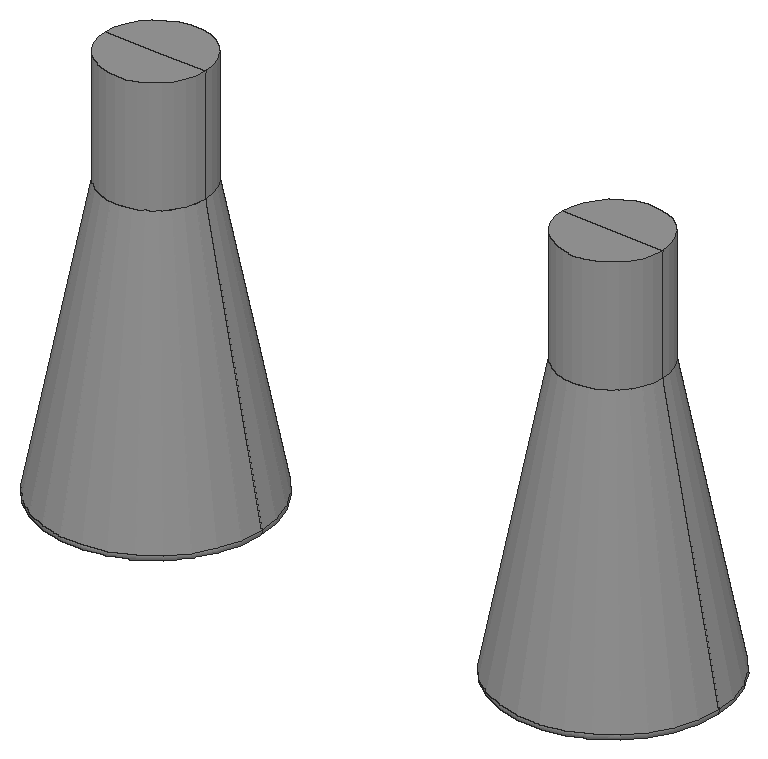
Revit family "Andreu World Reverse Conference ME5010", category Mobiliario, Revit 2014
Parameters (values of type "ME-5010 2200x1200 Oak")
  URL = "http://www.andreuworld.com/"
  Top Thickness = 30 mm
  Top Material = Andreu World Oak Horizontal
  Top Length = 2200 mm
  Top Base = 715 mm
  Top Width = 1200 mm
  Reference = "ME-5010"
  R Base = 190 mm
  Modelo = "Reverse Conference"
  Height = 715 mm
  Fabricante = "Andreu World"
  Descripción = "Table"
  Base position = 690 mm
  Base Material = Andreu World Thermo-polymer White
  Base Height [instance] = 715 mm
Reference planes
  plane 1 "Centro (Frontal/Posterior)": y = 0
  plane 2: z = 0
  plane 3 "Centro Base": x = 487.159
  plane 4: x = 577.159
  plane 5: x = 677.159
  plane 6 "Base Height": z = 715
  plane 7: z = 510
  plane 8: z = 10
  plane 9: x = 397.159
  plane 10: x = 297.159
  plane 11 "Top thickness": z = 745
  plane 12: z = 738
  plane 13 "Glass": z = 750
  plane 14: x = 897.159
  plane 15: x = 1307.159
  plane 16: x = 1217.159
  plane 17: x = 1117.159
  plane 18: x = 1397.159
  plane 19: x = 1497.159
  plane 20: x = -202.841
  plane 21: y = 600
  plane 22: x = 1997.159
  plane 23: y = -600
  plane 24: y = 530
  plane 25: x = 1927.159
  plane 26: y = -530
  plane 27: x = -132.841
  plane 28: x = 1863.182
  plane 29: x = 1679.792
  plane 30: x = -68.864
  plane 31: x = 114.526
  plane 32: y = 435.339
  plane 33: y = 288.112
  plane 34: y = -435.339
  plane 35: y = -288.112
Forms (mm)
  Revolve 1, solid, material "Andreu World Thermo-polymer White" <- "Base Material", detail levels medium+fine
    sketch origin (0, 0, 0) x (1, 0, 0) y (0, 0, 1)
      loop
        line (487.159, 715) -> (487.159, 0) -> (667.497, 0)
        arc (667.497, 0) -> (674.895, 3.506) -> (676.866, 11.451) r 9.558
        line (676.866, 11.451) -> (577.159, 510) -> (577.159, 715) -> (487.159, 715)
      axis (487.159, 715) -> (487.159, 0)
    angle from 0 to 360
  Revolve 2, solid, material "Andreu World Thermo-polymer White" <- "Base Material", detail levels medium+fine
    sketch origin (1794.318, 0, 0) x (-1, 0, 0) y (0, 0, -1)
      loop
        line (487.159, -715) -> (577.159, -715) -> (577.159, -510) -> (676.866, -11.451)
        arc (676.866, -11.451) -> (674.895, -3.506) -> (667.497, 0) r 9.558
        line (667.497, 0) -> (487.159, 0) -> (487.159, -715)
      axis (487.159, -715) -> (487.159, 0)
    angle from 0 to 360
  Extrusion 3, solid, material "Andreu World Oak Horizontal" <- "Top Material", detail levels coarse+medium
    sketch origin (0, 0, 0) x (1, 0, 0) y (0, 1, 0)
      loop
        arc (-69.841, -285.995) -> (5.678, -381.253) -> (114.564, -435.299) r 278.669
        arc (114.564, -435.299) -> (897.178, -530) -> (1679.792, -435.299) r 3281.121
        arc (1679.792, -435.299) -> (1788.119, -381.706) -> (1863.567, -287.29) r 278.669
        arc (1863.567, -287.29) -> (1927.159, 0.033) -> (1863.538, 287.349) r 680.734
        arc (1863.538, 287.349) -> (1788.093, 381.726) -> (1679.792, 435.299) r 278.669
        arc (1679.792, 435.299) -> (897.178, 530) -> (114.564, 435.299) r 3281.121
        arc (114.564, 435.299) -> (5.678, 381.253) -> (-69.841, 285.995) r 278.669
        arc (-69.841, 285.995) -> (-135.364, 0) -> (-69.841, -285.995) r 656.912
    from 715 <- "Top Base" to 745
  Sweep 4, solid, material "Andreu World Oak Horizontal" <- "Top Material", detail levels coarse+medium
    path in 3D
      loop
        arc (114.564, -435.299, 745) -> (5.678, -381.253, 745) -> (-69.841, -285.995, 745) r 278.669
        arc (-69.841, -285.995, 745) -> (-135.364, 0, 745) -> (-69.841, 285.995, 745) r 656.912
        arc (-69.841, 285.995, 745) -> (5.678, 381.253, 745) -> (114.564, 435.299, 745) r 278.669
        arc (114.564, 435.299, 745) -> (897.178, 530, 745) -> (1679.792, 435.299, 745) r 3281.121
        arc (1679.792, 435.299, 745) -> (1788.093, 381.726, 745) -> (1863.538, 287.349, 745) r 278.669
        arc (1863.538, 287.349, 745) -> (1927.159, 0.033, 745) -> (1863.567, -287.29, 745) r 680.734
        arc (1863.567, -287.29, 745) -> (1788.119, -381.706, 745) -> (1679.792, -435.299, 745) r 278.669
        arc (1679.792, -435.299, 745) -> (897.178, -530, 745) -> (114.564, -435.299, 745) r 3281.121
    profile origin (897.178, -530, 745) x (0, -1, 0) y (0, 0, 1)
      loop
        line (0, -30) -> (70, -7) -> (70, 0) -> (0, 0) -> (0, -30)
Cuts and joins
  joined: Extrusion 3, Sweep 4
Lines and regions (mm)
  model lines, detail levels coarse+medium
    curve 1: circle (487.159, 0, 0) r 190 normal (0, 0, 1)
    curve 2: circle (1307.159, 0, 0) r 190 normal (0, 0, -1)
    curve 11: arc (1696.489, -503.278, 0) -> (897.178, -600, 0) -> (97.868, -503.278, 0) r 3351.121
    curve 12: arc (1926.742, -317.444, 0) -> (1832.306, -435.997, 0) -> (1696.489, -503.278, 0) r 348.669
    curve 13: arc (1926.709, 317.514, 0) -> (1997.159, 0.038, 0) -> (1926.742, -317.444, 0) r 750.734
    curve 14: arc (1696.489, 503.278, 0) -> (1832.276, 436.022, 0) -> (1926.709, 317.514, 0) r 348.669
    curve 15: arc (97.868, 503.278, 0) -> (897.178, 600, 0) -> (1696.489, 503.278, 0) r 3351.121
    curve 16: arc (-132.859, 316.47, 0) -> (-38.37, 435.657, 0) -> (97.868, 503.278, 0) r 348.669
    curve 17: arc (-132.859, -316.47, 0) -> (-205.364, 0, 0) -> (-132.859, 316.47, 0) r 726.912
    curve 18: arc (97.868, -503.278, 0) -> (-38.37, -435.657, 0) -> (-132.859, -316.47, 0) r 348.669
  sketch lines
    curve 3: arc (1679.792, -435.299, 745) -> (897.178, -530, 745) -> (114.564, -435.299, 745) r 3281.121
    curve 4: arc (1863.567, -287.29, 745) -> (1788.119, -381.706, 745) -> (1679.792, -435.299, 745) r 278.669
    curve 5: arc (1863.538, 287.349, 745) -> (1927.159, 0.033, 745) -> (1863.567, -287.29, 745) r 680.734
    curve 6: arc (1679.792, 435.299, 745) -> (1788.093, 381.726, 745) -> (1863.538, 287.349, 745) r 278.669
    curve 7: arc (114.564, 435.299, 745) -> (897.178, 530, 745) -> (1679.792, 435.299, 745) r 3281.121
    curve 8: arc (-69.841, 285.995, 745) -> (5.678, 381.253, 745) -> (114.564, 435.299, 745) r 278.669
    curve 9: arc (-69.841, -285.995, 745) -> (-135.364, 0, 745) -> (-69.841, 285.995, 745) r 656.912
    curve 10: arc (114.564, -435.299, 745) -> (5.678, -381.253, 745) -> (-69.841, -285.995, 745) r 278.669
Dimensions and locks
  "R Base": plane 5 to plane 3 "Centro Base"
  locked: plane 5 to plane 4 at 100
  locked: plane 8 to level at 10
  "Height": plane 6 "Base Height" to level
  plane 10 to plane 5 = 380 mm
  equal spacing: plane 10, plane 3 "Centro Base", plane 5
  locked: plane 10 to plane 9 at 100
  plane 6 "Base Height" to plane 7 = 205 mm
  "Top Thickness": plane 11 "Top thickness" to plane 6 "Base Height"
  locked: plane 11 "Top thickness" to plane 12 at 7
  plane 13 "Glass" to plane 11 "Top thickness" = 5 mm
  locked: plane 17 to plane 16 at 100
  plane 19 to plane 17 = 380 mm
  equal spacing: plane 19, plane 15, plane 17
  locked: plane 19 to plane 18 at 100
  "Top Width": plane 21 to plane 23
  equal spacing: plane 21, plane 1 "Centro (Frontal/Posterior)", plane 23
  "Top Length": plane 20 to plane 22
  equal spacing: plane 20, plane 14, plane 22
  locked: plane 20 to plane 27 at 70
  locked: plane 25 to plane 22 at 70
  locked: plane 26 to plane 23 at 70
  locked: plane 21 to plane 24 at 70
  "Base position": plane 20 to plane 3 "Centro Base"
  "Base position": plane 15 to plane 22
  locked: plane 20 to plane 30 at 133.977
  locked: plane 30 to plane 31 at 183.39
  locked: plane 28 to plane 22 at 133.977
  locked: plane 29 to plane 28 at 183.39
  locked: plane 21 to plane 32 at 164.661
  locked: plane 33 to plane 32 at 147.227
  locked: plane 34 to plane 23 at 164.661
  locked: plane 35 to plane 34 at 147.227
  "Base Height": plane 6 "Base Height" to level
  "R Base": radius of curve 1
  "R Base": radius of curve 2
  aligned and locked: level to plane 2
  aligned and locked: plane 6 "Base Height" to Revolve 1 sketch curve
  aligned and locked: Revolve 1 sketch curve to plane 3 "Centro Base"
  aligned and locked: Revolve 1 sketch curve to level
  aligned and locked: plane 4 to Revolve 1 sketch curve
  aligned and locked: Revolve 1 sketch curve to Revolve 1 sketch curve
  aligned and locked: Revolve 2 sketch curve to plane 15
  aligned and locked: plane 16 to Revolve 2 sketch curve
  aligned and locked: Revolve 2 sketch curve to Revolve 2 sketch curve
  aligned and locked: plane 29 to Extrusion 3 sketch curve
  aligned and locked: Extrusion 3 to plane 6 "Base Height"
  aligned and locked: Extrusion 3 to plane 11 "Top thickness"
  aligned and locked: Sweep 4 sketch curve to profile plane  (x2)
  aligned and locked: curve 11 to cut or joined group of Extrusion 3, Sweep 4
  aligned and locked: curve 12 to cut or joined group of Extrusion 3, Sweep 4
  aligned and locked: curve 13 to cut or joined group of Extrusion 3, Sweep 4
  aligned and locked: curve 14 to cut or joined group of Extrusion 3, Sweep 4
  aligned and locked: curve 15 to cut or joined group of Extrusion 3, Sweep 4
  aligned and locked: curve 16 to cut or joined group of Extrusion 3, Sweep 4
  aligned and locked: curve 17 to cut or joined group of Extrusion 3, Sweep 4
  aligned and locked: curve 18 to cut or joined group of Extrusion 3, Sweep 4
Automatic sketch dimensions
  Revolve 1 sketch curve to level = 0 mm
  Revolve 1 sketch curve to plane 7 = 0 mm
  Revolve 1 sketch curve to plane 6 "Base Height" = 0 mm
  Revolve 1 sketch curve to plane 5 = 9.662 mm
  Revolve 1 sketch curve to plane 5 = 0.293 mm
  level to Revolve 1 sketch curve = 9.558 mm
  Revolve 2 sketch curve to level = 0 mm  (x2)
  Revolve 2 sketch curve to plane 6 "Base Height" = 0 mm  (x2)
  Revolve 2 sketch curve to plane 7 = 0 mm
  Revolve 2 sketch curve to plane 17 = 9.662 mm
  Revolve 2 sketch curve to plane 17 = 0.293 mm
  plane 8 to Revolve 2 sketch curve = 1.451 mm
  plane 30 to Extrusion 3 sketch curve = 0.977 mm  (x2)
  plane 1 "Centro (Frontal/Posterior)" to Extrusion 3 sketch curve = 0 mm
  Extrusion 3 sketch curve to plane 31 = 66.507 mm  (x2)
  plane 3 "Centro Base" to Extrusion 3 sketch curve = 34.388 mm
  plane 14 to Extrusion 3 sketch curve = 0.019 mm  (x2)
  Extrusion 3 sketch curve to plane 29 = 66.468 mm  (x2)
  plane 35 to Extrusion 3 sketch curve = 123.439 mm
  plane 33 to Extrusion 3 sketch curve = 123.439 mm  (x2)
  plane 32 to Extrusion 3 sketch curve = 0.04 mm
  plane 34 to Extrusion 3 sketch curve = 0.04 mm
  Extrusion 3 sketch curve to Extrusion 3 sketch curve = 0 mm  (x4)
  Extrusion 3 sketch curve to plane 29 = 0 mm
  Sweep 4 sketch curve to profile plane = 70 mm
  Sweep 4 sketch curve to profile plane = 7 mm
  Sweep 4 sketch curve to profile plane = 30 mm
  plane 1 "Centro (Frontal/Posterior)" to curve 1 = 0 mm
  curve 1 to plane 3 "Centro Base" = 0 mm
  plane 1 "Centro (Frontal/Posterior)" to curve 2 = 0 mm
  curve 2 to plane 15 = 0 mm
